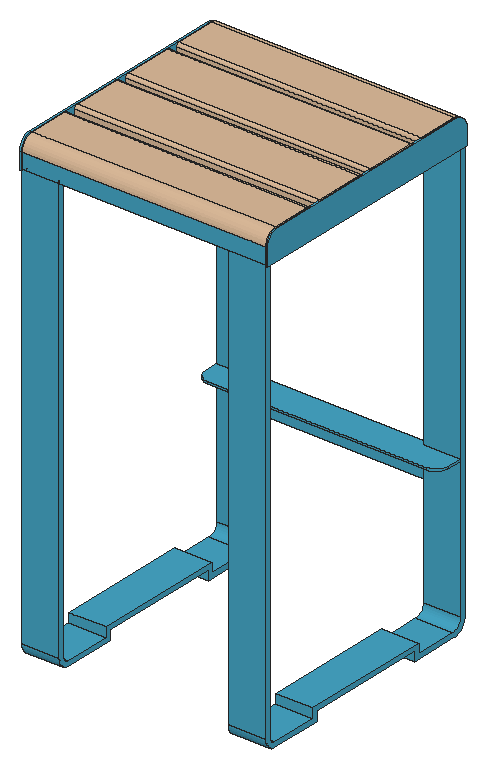
Revit family "61210-S-L", category Meble, Revit 2021
Family settings
  Numer OmniClass = 23.40.20.00
  Tytuł OmniClass = General Furniture and Specialties
  Oparty na płaszczyźnie roboczej = Nie
  Zawsze pionowo = Tak
  Tnij formami wycięć po wczytaniu = Nie
  Współdzielony = Nie
  Punkt obliczania pomieszczeń = Nie
Parameters (values of type "61210-S-L")
  wood = Kobenhagen Wood - Larch
  metal = Kobenhagen RAL 5012
  Width = "40 cm"
  Weight = "20 kg"
  URL = "https://kobenhagen.com/en_US/p/Frederiksberg-Bar-Stool/143"
  Product line = "Frederiksberg"
  Product Groups = "Stools"
  Producent = "Lars Laj"
  Keynote = ""
  Opis = "Frederiksberg Bar Stool"
  Model = "61210-S-L"
  Material = "Larch, stainless steel, powder coated steel"
  Maintenance = "We recommend to examine and tighten all screws and bolt clamps after a few weeks’ use. In order to prevent cracks and to extend the life of the wood, it is recommended that the wood details should be oiled every 3-5 years."
  Lenght = "40 cm"
  Type Comments = ""
  Kobenhagen Materials = "larslaj.com/bim"
  Hosted on larslaj.com = "https://larslaj.com/bim"
  Height = "75 cm"
  Domyślna rzędna = 0 mm
  Copyright = "All designs and drawings are the intellectual property of Lars Laj A/S and are protected by Danish and international copyright laws."
Reference planes
  plane 1 "front": y = 0
  plane 2: z = 0
  plane 3 "Środek (Lewa/Prawa)": x = 0
  plane 4 "left": x = -196.25
  plane 5 "right": x = 195.938
  plane 6 "back": y = 400
  plane 7: x = -136.25
  plane 8: x = 135.937
  plane 9: z = 706.5
Forms (mm)
  Extrusion 1, solid, material "Kobenhagen Wood - Larch" <- "wood"
    sketch origin (0, -51.281, 318.96) x (0, 1, 0) y (0, 0, 1)
      loop
        arc (263.304, 429.703) -> (259.768, 428.239) -> (258.304, 424.703) r 5
        line (258.304, 424.703) -> (258.304, 388.972)
        arc (258.304, 388.972) -> (258.878, 387.586) -> (260.264, 387.012) r 1.96
        line (260.264, 387.012) -> (346.304, 387.012)
        arc (346.304, 387.012) -> (347.718, 387.598) -> (348.304, 389.012) r 2
        line (348.304, 389.012) -> (348.304, 424.703)
        arc (348.304, 424.703) -> (346.839, 428.239) -> (343.304, 429.703) r 5
        line (343.304, 429.703) -> (263.304, 429.703)
    from -196.25 to 195.937
  Extrusion 2, solid, material "Kobenhagen Wood - Larch" <- "wood"
    sketch origin (0, -153.73, 318.96) x (0, 1, 0) y (0, 0, 1)
      loop
        arc (263.253, 429.703) -> (259.718, 428.239) -> (258.253, 424.703) r 5
        line (258.253, 424.703) -> (258.253, 388.972)
        arc (258.253, 388.972) -> (258.827, 387.586) -> (260.213, 387.012) r 1.96
        line (260.213, 387.012) -> (346.253, 387.012)
        arc (346.253, 387.012) -> (347.668, 387.598) -> (348.253, 389.012) r 2
        line (348.253, 389.012) -> (348.253, 424.703)
        arc (348.253, 424.703) -> (346.789, 428.239) -> (343.253, 429.703) r 5
        line (343.253, 429.703) -> (263.253, 429.703)
    from -196.25 to 195.937
  Extrusion 3, solid, material "Kobenhagen Wood - Larch" <- "wood"
    sketch origin (0, -255.918, 318.96) x (0, 1, 0) y (0, 0, 1)
      loop
        arc (275.801, 429.704) -> (261.616, 423.828) -> (255.74, 409.642) r 20.061
        line (255.74, 409.642) -> (258.916, 409.642) -> (258.916, 387.013) -> (343.754, 387.013)
        arc (343.754, 387.013) -> (345.168, 387.598) -> (345.753, 389.012) r 1.999
        line (345.753, 389.012) -> (345.753, 424.706)
        arc (345.753, 424.706) -> (344.29, 428.24) -> (340.756, 429.704) r 4.998
        line (340.756, 429.704) -> (275.801, 429.704)
    from -196.25 to 195.937
  Extrusion 4, solid, material "Kobenhagen RAL 5012" <- "metal", not visible
    sketch origin (0, 0, 0) x (0, 1, 0) y (0, 0, 1)
      loop
        arc (71.187, 451.5) -> (57.045, 445.642) -> (51.187, 431.5) r 20
        line (51.187, 431.5) -> (51.187, 18.231)
        arc (51.187, 18.231) -> (56.527, 5.34) -> (69.418, 0) r 18.231
        line (69.418, 0) -> (153.638, 0) -> (153.638, 15) -> (448.638, 15) -> (448.638, 0) -> (527.023, 0)
        arc (527.023, 0) -> (542.307, 6.331) -> (548.638, 21.615) r 21.615
        line (548.638, 21.615) -> (548.638, 429.407)
        arc (548.638, 429.407) -> (542.168, 445.029) -> (526.545, 451.5) r 22.093
        line (526.545, 451.5) -> (71.187, 451.5)
    from 750.378 to 745
  Extrusion 5, solid, material "Kobenhagen RAL 5012" <- "metal", not visible
    sketch origin (0, 0, 0) x (0, 1, 0) y (0, 0, 1)
      loop
        line (548.638, 396.844) -> (629.375, 854.725) -> (601.836, 859.581)
        arc (601.836, 859.581) -> (585.224, 855.898) -> (576.082, 841.547) r 22.232
        line (576.082, 841.547) -> (507.306, 451.5) -> (526.545, 451.5)
        arc (526.545, 451.5) -> (542.168, 445.029) -> (548.638, 429.407) r 22.093
        line (548.638, 429.407) -> (548.638, 396.844)
    from 745 to 750.378
  Extrusion 6, solid, material "Kobenhagen RAL 5012" <- "metal"
    sketch origin (0, -51.25, 0) x (0, -1, 0) y (0, 0, 1)
      loop
        line (-71.187, 748.663) -> (-429.045, 748.663)
        arc (-429.045, 748.663) -> (-444.668, 742.192) -> (-451.138, 726.57) r 22.093
        line (-451.138, 726.57) -> (-451.138, 701) -> (-51.187, 701) -> (-51.187, 728.663)
        arc (-51.187, 728.663) -> (-57.045, 742.805) -> (-71.187, 748.663) r 20
    from 199.507 to 196.25
  Extrusion 7, solid, material "Kobenhagen RAL 5012" <- "metal"
    sketch origin (0, -51.25, 0) x (0, 1, 0) y (0, 0, 1)
      loop
        line (451.138, 23.296) -> (451.138, 707) -> (51.187, 707) -> (51.187, 18.763)
        arc (51.187, 18.763) -> (56.683, 5.495) -> (69.95, 0) r 18.763
        line (69.95, 0) -> (153.638, 0) -> (153.638, 15) -> (351.138, 15) -> (351.138, 0) -> (427.842, 0)
        arc (427.842, 0) -> (444.315, 6.823) -> (451.138, 23.296) r 23.296
      loop
        line (58.687, 701) -> (58.687, 18.763)
        arc (58.687, 18.763) -> (61.986, 10.799) -> (69.95, 7.5) r 11.263
        line (69.95, 7.5) -> (146.138, 7.5) -> (146.138, 22.5) -> (358.638, 22.5) -> (358.638, 7.5) -> (427.842, 7.5)
        arc (427.842, 7.5) -> (439.012, 12.127) -> (443.638, 23.296) r 15.796
        line (443.638, 23.296) -> (443.638, 701) -> (58.687, 701)
    from -196.25 to -136.25
  Extrusion 8, solid, material "Kobenhagen RAL 5012" <- "metal"
    sketch origin (0, -51.25, 297.5) x (0, 1, 0) y (0, 0, 1)
      loop
        line (53.936, 431.102) -> (51.187, 431.102) -> (51.187, 405.767) -> (73.779, 405.767) -> (73.779, 408.105) -> (53.936, 408.105) -> (53.936, 431.102)
    from -196.25 to 195.937
  Extrusion 9, solid, material "Kobenhagen Wood - Larch" <- "wood"
    sketch origin (0, 655.254, 318.96) x (0, -1, 0) y (0, 0, -1)
      loop
        line (275.801, -429.704) -> (340.733, -429.704)
        arc (340.733, -429.704) -> (344.267, -428.24) -> (345.731, -424.706) r 4.998
        line (345.731, -424.706) -> (345.731, -389.012)
        arc (345.731, -389.012) -> (345.145, -387.598) -> (343.731, -387.013) r 1.999
        line (343.731, -387.013) -> (258.705, -387.013) -> (258.705, -409.642) -> (255.74, -409.642)
        arc (255.74, -409.642) -> (261.616, -423.828) -> (275.801, -429.704) r 20.061
    from -196.25 to 195.938
  Extrusion 10, solid, material "Kobenhagen RAL 5012" <- "metal"
    sketch origin (0, -51.25, 0) x (0, 1, 0) y (0, 0, -1)
      loop
        arc (451.138, -23.296) -> (444.315, -6.823) -> (427.842, 0) r 23.296
        line (427.842, 0) -> (351.138, 0) -> (351.138, -15) -> (153.638, -15) -> (153.638, 0) -> (69.95, 0)
        arc (69.95, 0) -> (56.683, -5.495) -> (51.187, -18.763) r 18.763
        line (51.187, -18.763) -> (51.187, -707) -> (451.138, -707) -> (451.138, -23.296)
      loop
        line (58.687, -701) -> (443.638, -701) -> (443.638, -23.296)
        arc (443.638, -23.296) -> (439.012, -12.127) -> (427.842, -7.5) r 15.796
        line (427.842, -7.5) -> (358.638, -7.5) -> (358.638, -22.5) -> (146.138, -22.5) -> (146.138, -7.5) -> (69.95, -7.5)
        arc (69.95, -7.5) -> (61.986, -10.799) -> (58.687, -18.763) r 11.263
        line (58.687, -18.763) -> (58.687, -701)
    from -196.25 to -136.25
  Extrusion 11, solid, material "Kobenhagen RAL 5012" <- "metal"
    sketch origin (0, 450.922, 297.5) x (0, -1, 0) y (0, 0, -1)
      loop
        line (53.936, -431.102) -> (53.936, -408.105) -> (73.779, -408.105) -> (73.779, -405.767) -> (51.187, -405.767) -> (51.187, -431.102) -> (53.936, -431.102)
    from -196.25 to 195.937
  Extrusion 12, solid, material "Kobenhagen RAL 5012"
    sketch origin (0, 13.308, 25.482) x (0, 1, 0) y (0, 0, 1)
      loop
        line (386.692, 174.492) -> (386.692, 225.518) -> (335.335, 225.518) -> (335.335, 222.492) -> (381.692, 222.492) -> (381.692, 174.492) -> (386.692, 174.492)
    from 0 to 195.937
  Extrusion 13, solid, material "Kobenhagen RAL 5012" <- "metal"
    sketch origin (0, -51.25, 0) x (0, -1, 0) y (0, 0, -1)
      loop
        arc (-71.187, -748.663) -> (-57.045, -742.805) -> (-51.187, -728.663) r 20
        line (-51.187, -728.663) -> (-51.187, -701) -> (-451.138, -701) -> (-451.138, -726.57)
        arc (-451.138, -726.57) -> (-444.668, -742.192) -> (-429.045, -748.663) r 22.093
        line (-429.045, -748.663) -> (-71.187, -748.663)
    from 199.507 to 196.25
  Extrusion 14, void
    sketch origin (0, 0, 0) x (1, 0, 0) y (0, 1, 0)
      loop
        arc (196.244, 368.643) -> (190.06, 354.471) -> (175.738, 348.643) r 20.512
        line (175.738, 348.643) -> (175.738, 343.643) -> (203.406, 343.643) -> (203.406, 368.643) -> (196.244, 368.643)
    from 231.188 to 264.325
  Extrusion 15, solid, material "Kobenhagen RAL 5012"
    sketch origin (0, 13.308, 25.482) x (0, 1, 0) y (0, 0, -1)
      loop
        line (386.692, -174.492) -> (381.692, -174.492) -> (381.692, -222.492) -> (335.335, -222.492) -> (335.335, -225.518) -> (386.692, -225.518) -> (386.692, -174.492)
    from 0 to 195.937
  Extrusion 16, void
    sketch origin (0, 0, 0) x (-1, 0, 0) y (0, -1, 0)
      loop
        line (196.244, -368.643) -> (203.406, -368.643) -> (203.406, -343.643) -> (175.738, -343.643) -> (175.738, -348.643)
        arc (175.738, -348.643) -> (190.06, -354.471) -> (196.244, -368.643) r 20.512
    from 231.188 to 264.325
Cuts and joins
  Extrusion 14, Extrusion 16 cuts Extrusion 12
  Extrusion 16 cuts Extrusion 15
  joined: Extrusion 12, Extrusion 15
Lines and regions (mm)
  model lines, style "9"
    curve 1: line (264.233, -99.489, 0) -> (264.233, -93.489, 0)
    curve 2: line (264.233, -399.489, 0) -> (264.233, -405.489, 0)
    curve 3: line (-304.767, -99.489, 0) -> (-304.767, -93.489, 0)
    curve 4: line (-304.767, -399.489, 0) -> (-304.767, -405.489, 0)
    curve 5: line (-281.767, -99.489, 0) -> (-281.767, -93.489, 0)
    curve 6: line (-281.767, -399.489, 0) -> (-281.767, -405.489, 0)
Dimensions and locks
  Extrusion 1 sketch curve to Extrusion 1 sketch curve = 90 mm
  Extrusion 1 sketch curve to Extrusion 1 sketch curve = 42.691 mm
  Extrusion 2 sketch curve to Extrusion 2 sketch curve = 90 mm
  Extrusion 2 sketch curve to Extrusion 2 sketch curve = 42.691 mm
  Extrusion 3 sketch curve to Extrusion 3 sketch curve = 42.691 mm
  Extrusion 9 sketch curve to Extrusion 9 sketch curve = 42.691 mm
  aligned and locked: level to plane 2
  aligned and locked: plane 5 "right" to Extrusion 1
  aligned and locked: Extrusion 1 to plane 4 "left"
  aligned and locked: plane 5 "right" to Extrusion 2
  aligned and locked: plane 5 "right" to Extrusion 3
  aligned and locked: Extrusion 2 to plane 4 "left"
  aligned and locked: Extrusion 3 to plane 4 "left"
  aligned and locked: plane 4 "left" to Extrusion 6
  aligned and locked: Extrusion 7 to plane 4 "left"
  aligned and locked: plane 7 to Extrusion 7
  aligned and locked: Extrusion 8 to plane 4 "left"
  aligned and locked: plane 5 "right" to Extrusion 8
